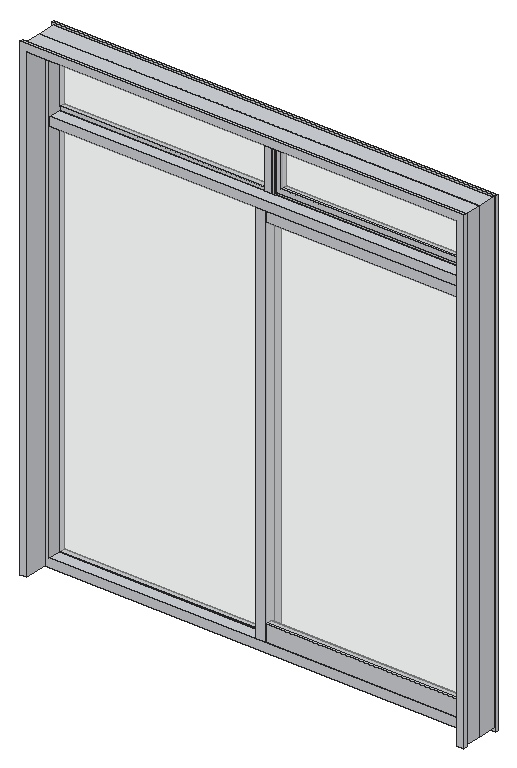
Revit family "APL Residential Thermal Heart Sliding Door SF with Overlight", category Doors, host Wall, Revit 2017 (continued)
Definition of nested family "APL Residential Thermal Heart Sliding Door SF with Overlight Vertical Section"
  Definition of nested family "Two Panel Overlight"
    Definition of nested family "65440_Closer"
      Lines and regions (mm)
        model lines, in view "Ref. Level"
          curve 474: arc (113, -22.75, 0) -> (113.058, -22.609, 0) -> (113.2, -22.55, 0) r 0.2
          curve 475: arc (113.3, -22.55, 0) -> (113.441, -22.491, 0) -> (113.5, -22.35, 0) r 0.2
          curve 476: arc (113.5, -21.202, 0) -> (113.442, -21.059, 0) -> (113.3, -21, 0) r 0.2
          curve 477: arc (111.702, -21, 0) -> (111.559, -21.058, 0) -> (111.5, -21.2, 0) r 0.2
          curve 478: arc (111.5, -22.05, 0) -> (111, -22.55, 0) -> (110.5, -22.05, 0) r 0.5
          curve 479: arc (110.5, -19.5, 0) -> (110.646, -19.147, 0) -> (111, -19, 0) r 0.5
          curve 480: arc (111.8, -19, 0) -> (112.083, -19.117, 0) -> (112.2, -19.4, 0) r 0.4
          curve 481: arc (111.2, -7.3, 0) -> (111.141, -7.441, 0) -> (111, -7.5, 0) r 0.2
          curve 482: arc (110.1, -7.5, 0) -> (109.746, -7.354, 0) -> (109.6, -7, 0) r 0.5
          curve 483: arc (109.6, -4, 0) -> (110.1, -3.5, 0) -> (110.6, -4, 0) r 0.5
          curve 484: arc (112.996, -5, 0) -> (113.352, -4.855, 0) -> (113.5, -4.5, 0) r 0.5
          curve 485: arc (113.5, -1.006, 0) -> (113.209, -0.295, 0) -> (112.5, 0, 0) r 1
          curve 486: arc (84.083, 0, 0) -> (83.778, 0.199, 0) -> (83.505, -0.043, 0) r 0.3
          curve 487: arc (83.505, -0.043, 0) -> (83.439, -0.181, 0) -> (83.313, -0.268, 0) r 0.3
          curve 488: arc (81.903, -0.782, 0) -> (81.617, -0.738, 0) -> (81.501, -0.474, 0) r 0.3
          curve 489: arc (81.708, 1.892, 0) -> (81.735, 1.992, 0) -> (81.795, 2.078, 0) r 0.3
          curve 490: arc (82.159, 2.441, 0) -> (82.352, 2.493, 0) -> (82.493, 2.352, 0) r 0.2
          curve 491: arc (82.538, 2.185, 0) -> (82.59, 2.095, 0) -> (82.679, 2.043, 0) r 0.2
          curve 492: arc (84.9, 1.5, 0) -> (85.18, 1.693, 0) -> (85.1, 2.024, 0) r 0.3
          curve 493: arc (85.1, 2.024, 0) -> (85.026, 2.125, 0) -> (85, 2.247, 0) r 0.3
          curve 494: arc (85.194, 6.25, 0) -> (85.158, 6.423, 0) -> (85, 6.5, 0) r 0.2
          curve 495: arc (84.479, 6.5, 0) -> (84.398, 6.489, 0) -> (84.322, 6.456, 0) r 0.3
          curve 496: arc (83.069, 5.691, 0) -> (83.072, 5.521, 0) -> (82.966, 5.389, 0) r 0.25
          curve 497: arc (82.88, 5.337, 0) -> (82.628, 5.332, 0) -> (82.5, 5.55, 0) r 0.25
          curve 498: arc (82.5, 7.123, 0) -> (82.582, 7.522, 0) -> (82.815, 7.854, 0) r 1
          curve 499: arc (82.815, 7.854, 0) -> (82.878, 8, 0) -> (82.815, 8.146, 0) r 0.2
          curve 500: arc (82.815, 8.146, 0) -> (82.582, 8.478, 0) -> (82.5, 8.874, 0) r 1
          curve 501: arc (82.5, 10.449, 0) -> (82.627, 10.668, 0) -> (82.88, 10.663, 0) r 0.25
          curve 502: arc (82.966, 10.611, 0) -> (83.072, 10.479, 0) -> (83.069, 10.309, 0) r 0.25
          curve 503: arc (84.322, 9.544, 0) -> (84.398, 9.511, 0) -> (84.479, 9.5, 0) r 0.3
          curve 504: arc (85, 9.5, 0) -> (85.158, 9.578, 0) -> (85.194, 9.75, 0) r 0.2
          curve 505: line (99.583, 1.8, 0) -> (112.5, 1.8, 0)
          curve 506: line (113.5, 2.8, 0) -> (113.5, 9, 0)
          curve 507: line (113, 9.5, 0) -> (111.5, 9.5, 0)
          curve 508: line (109.5, 11.5, 0) -> (109.5, 13.6, 0)
          curve 509: line (109, 14.1, 0) -> (87.4, 14.1, 0)
          curve 510: line (86.9, 13.6, 0) -> (86.9, 2.3, 0)
          curve 511: line (87.4, 1.8, 0) -> (92.021, 1.8, 0)
          curve 512: line (84.746, 14.5, 0) -> (82.679, 13.957, 0)
          curve 513: line (82.679, 13.957, 0) -> (82.493, 13.648, 0)
          curve 514: line (82.159, 13.559, 0) -> (81.795, 13.922, 0)
          curve 515: line (81.708, 14.108, 0) -> (81.501, 16.474, 0)
          curve 516: line (81.903, 16.782, 0) -> (83.313, 16.268, 0)
          curve 517: line (84.083, 16, 0) -> (86.4, 16, 0)
          curve 518: line (86.89, 15.6, 0) -> (110.8, 15.6, 0)
          curve 519: line (111, 15.4, 0) -> (111, 11.5, 0)
          curve 520: line (111.5, 11, 0) -> (112.997, 11, 0)
          curve 521: line (113.5, 11.5, 0) -> (113.5, 17.8, 0)
          curve 522: line (113.7, 18, 0) -> (114.5, 18, 0)
          curve 523: line (115, 17.5, 0) -> (115, -29.493, 0)
          curve 524: line (114.5, -30, 0) -> (111, -30, 0)
          curve 525: line (110.5, -29.5, 0) -> (110.5, -27.65, 0)
          curve 526: line (111.5, -27.65, 0) -> (111.5, -28.499, 0)
          curve 527: line (111.7, -28.7, 0) -> (113.298, -28.7, 0)
          curve 528: line (113.5, -28.5, 0) -> (113.5, -27.352, 0)
          curve 529: line (113, -26.95, 0) -> (113, -22.75, 0)
          curve 530: line (113.5, -22.35, 0) -> (113.5, -21.202, 0)
          curve 531: line (113.3, -21, 0) -> (111.702, -21, 0)
          curve 532: line (111.5, -21.2, 0) -> (111.5, -22.05, 0)
          curve 533: line (110.5, -22.05, 0) -> (110.5, -19.5, 0)
          curve 534: line (111, -19, 0) -> (111.8, -19, 0)
          curve 535: line (112.2, -19.4, 0) -> (112.2, -20, 0)
          curve 536: line (112.2, -20, 0) -> (113.5, -20, 0)
          curve 537: line (113.5, -20, 0) -> (113.5, -6.5, 0)
          curve 538: line (113.5, -6.5, 0) -> (111.2, -6.5, 0)
          curve 539: line (111.2, -6.5, 0) -> (111.2, -7.3, 0)
          curve 540: line (111, -7.5, 0) -> (110.1, -7.5, 0)
          curve 541: line (109.6, -7, 0) -> (109.6, -4, 0)
          curve 542: line (110.6, -4, 0) -> (110.6, -5, 0)
          curve 543: line (110.6, -5, 0) -> (112.996, -5, 0)
          curve 544: line (113.5, -4.5, 0) -> (113.5, -1.006, 0)
          curve 545: line (112.5, 0, 0) -> (84.083, 0, 0)
          curve 546: line (83.313, -0.268, 0) -> (81.903, -0.782, 0)
          curve 547: line (81.501, -0.474, 0) -> (81.708, 1.892, 0)
          curve 548: line (81.795, 2.078, 0) -> (82.159, 2.441, 0)
          curve 549: line (82.493, 2.352, 0) -> (82.538, 2.185, 0)
          curve 550: line (82.538, 2.185, 0) -> (84.668, 1.51, 0)
          curve 551: line (84.668, 1.51, 0) -> (84.9, 1.5, 0)
          curve 552: line (85, 2.247, 0) -> (85, 5.475, 0)
          curve 553: line (85, 5.475, 0) -> (85.194, 6.25, 0)
          curve 554: line (85, 6.5, 0) -> (84.479, 6.5, 0)
          curve 555: line (84.479, 6.5, 0) -> (83.069, 5.691, 0)
          curve 556: line (82.5, 5.55, 0) -> (82.5, 7.123, 0)
          curve 557: line (82.5, 8.874, 0) -> (82.5, 10.449, 0)
          curve 558: line (83.069, 10.309, 0) -> (84.322, 9.544, 0)
          curve 559: line (84.322, 9.544, 0) -> (85, 9.5, 0)
          curve 560: line (85.194, 9.75, 0) -> (85.006, 10.475, 0)
          curve 561: line (85.006, 10.475, 0) -> (85, 13.736, 0)
          curve 562: arc (85, 13.753, 0) -> (85.026, 13.875, 0) -> (85.1, 13.976, 0) r 0.3
          curve 563: arc (70.2, 10.4, 0) -> (70.317, 10.117, 0) -> (70.6, 10, 0) r 0.4
          curve 564: arc (70.893, 10, 0) -> (70.996, 10.014, 0) -> (71.093, 10.054, 0) r 0.4
          curve 565: arc (72.621, 10.939, 0) -> (72.911, 11.059, 0) -> (73.222, 11.1, 0) r 1.2
          curve 566: arc (74.145, 11.1, 0) -> (74.718, 11.281, 0) -> (75.084, 11.758, 0) r 1
          curve 567: arc (75.877, 13.937, 0) -> (76.024, 14.128, 0) -> (76.253, 14.2, 0) r 0.4
          curve 568: arc (78.947, 14.2, 0) -> (79.176, 14.128, 0) -> (79.323, 13.937, 0) r 0.4
          curve 569: arc (80.116, 11.758, 0) -> (80.482, 11.281, 0) -> (81.055, 11.1, 0) r 1
          curve 570: arc (81.978, 11.1, 0) -> (82.289, 11.059, 0) -> (82.579, 10.939, 0) r 1.2
          curve 571: arc (84.107, 10.054, 0) -> (84.204, 10.014, 0) -> (84.307, 10, 0) r 0.4
          curve 572: arc (84.6, 10, 0) -> (84.883, 10.117, 0) -> (85, 10.4, 0) r 0.4
          curve 573: arc (85, 13.8, 0) -> (84.883, 14.083, 0) -> (84.6, 14.2, 0) r 0.4
          curve 574: arc (84.307, 14.2, 0) -> (84.204, 14.186, 0) -> (84.107, 14.146, 0) r 0.4
          curve 575: arc (82.579, 13.262, 0) -> (82.285, 13.14, 0) -> (81.97, 13.1, 0) r 1.2
          curve 576: arc (81.97, 13.1, 0) -> (81.795, 13.153, 0) -> (81.684, 13.298, 0) r 0.3
          curve 577: arc (80.796, 15.737, 0) -> (80.649, 15.928, 0) -> (80.42, 16, 0) r 0.4
          curve 578: arc (74.78, 16, 0) -> (74.551, 15.928, 0) -> (74.404, 15.737, 0) r 0.4
          curve 579: arc (73.516, 13.298, 0) -> (73.405, 13.153, 0) -> (73.23, 13.1, 0) r 0.3
          curve 580: arc (73.23, 13.1, 0) -> (72.915, 13.14, 0) -> (72.621, 13.262, 0) r 1.2
          curve 581: arc (71.093, 14.146, 0) -> (70.996, 14.186, 0) -> (70.893, 14.2, 0) r 0.4
          curve 582: arc (70.6, 14.2, 0) -> (70.317, 14.083, 0) -> (70.2, 13.8, 0) r 0.4
          curve 583: line (70.6, 10, 0) -> (70.893, 10, 0)
          curve 584: line (71.093, 10.054, 0) -> (72.621, 10.939, 0)
          curve 585: line (73.222, 11.1, 0) -> (74.145, 11.1, 0)
          curve 586: line (75.084, 11.758, 0) -> (75.877, 13.937, 0)
          curve 587: line (76.253, 14.2, 0) -> (78.947, 14.2, 0)
          curve 588: line (79.323, 13.937, 0) -> (80.116, 11.758, 0)
          curve 589: line (81.055, 11.1, 0) -> (81.978, 11.1, 0)
          curve 590: line (82.579, 10.939, 0) -> (84.107, 10.054, 0)
          curve 591: line (84.307, 10, 0) -> (84.6, 10, 0)
          curve 592: line (85, 10.4, 0) -> (85, 13.8, 0)
          curve 593: line (84.6, 14.2, 0) -> (84.307, 14.2, 0)
          curve 594: line (84.107, 14.146, 0) -> (82.579, 13.262, 0)
          curve 595: line (81.684, 13.298, 0) -> (80.796, 15.737, 0)
          curve 596: line (80.42, 16, 0) -> (74.78, 16, 0)
          curve 597: line (74.404, 15.737, 0) -> (73.516, 13.298, 0)
          curve 598: line (72.621, 13.262, 0) -> (71.093, 14.146, 0)
          curve 599: line (70.893, 14.2, 0) -> (70.6, 14.2, 0)
          curve 600: line (70.2, 13.8, 0) -> (70.2, 10.4, 0)
      Text (mm)
        text "65440" at (74.78, 42.459, 0), in view "Ref. Level"
    Definition of nested family "65575_Threshold"
      Reference planes
        plane 1 "Center (Front/Back)": y = 0
        plane 2: z = 0
        plane 3 "Center (Left/Right)": x = 0
      Lines and regions (mm)
        detail lines, in view "Ref. Level"
          curve 1: arc (0.123, 1.385, 0) -> (0.034, 1.312, 0) -> (0, 1.2, 0) r 0.2
          curve 2: arc (0, 0.2, 0) -> (0.059, 0.059, 0) -> (0.2, 0, 0) r 0.2
          curve 3: arc (1.987, -0.473, 0) -> (2.044, -0.588, 0) -> (2.019, -0.715, 0) r 0.2
          curve 4: arc (1.788, -1.112, 0) -> (1.916, -1.591, 0) -> (2.394, -1.463, 0) r 0.35
          curve 5: arc (2.779, -0.797, 0) -> (2.842, -0.484, 0) -> (2.701, -0.197, 0) r 0.497
          curve 6: arc (2.033, 0.47, 0) -> (1.979, 0.65, 0) -> (2.098, 0.796, 0) r 0.2
          curve 7: arc (41.094, 16.949, 0) -> (41.282, 16.93, 0) -> (41.37, 16.764, 0) r 0.2
          curve 8: arc (41.37, 12.481, 0) -> (41.586, 11.578, 0) -> (42.188, 10.869, 0) r 2
          curve 9: arc (42.188, 10.869, 0) -> (43.515, 8.691, 0) -> (42.924, 6.21, 0) r 3.35
          curve 10: arc (42.924, 6.21, 0) -> (43.038, 5.512, 0) -> (43.736, 5.625, 0) r 0.5
          curve 11: arc (43.736, 5.625, 0) -> (44.503, 8.847, 0) -> (42.779, 11.675, 0) r 4.35
          curve 12: arc (42.779, 11.675, 0) -> (42.478, 12.03, 0) -> (42.37, 12.481, 0) r 1
          curve 13: arc (42.37, 18.585, 0) -> (42.282, 18.751, 0) -> (42.094, 18.77, 0) r 0.2
          curve 14: line (0, 1.2, 0) -> (0, 0.2, 0)
          curve 15: line (0.2, 0, 0) -> (1.431, 0, 0)
          curve 16: line (1.573, -0.059, 0) -> (1.987, -0.473, 0)
          curve 17: line (2.019, -0.715, 0) -> (1.788, -1.112, 0)
          curve 18: line (2.394, -1.463, 0) -> (2.779, -0.797, 0)
          curve 19: line (2.701, -0.197, 0) -> (2.033, 0.47, 0)
          curve 20: line (2.098, 0.796, 0) -> (41.094, 16.949, 0)
          curve 21: line (41.37, 16.764, 0) -> (41.37, 12.481, 0)
          curve 22: line (42.37, 12.481, 0) -> (42.37, 18.585, 0)
          curve 23: line (42.094, 18.77, 0) -> (0.123, 1.385, 0)
      Text (mm)
        text "65575" at (6.848, 22.344, 0), in view "Ref. Level"
    Definition of nested family "65656_Infill"
      Reference planes
        plane 1 "Center (Front/Back)": y = 0
        plane 2: z = 0
        plane 3 "Center (Left/Right)": x = 0
      Lines and regions (mm)
        model lines, in view "Ref. Level"
          curve 1: arc (33.343, 0, 0) -> (33.487, -0.061, 0) -> (33.543, -0.207, 0) r 0.2
          curve 2: arc (33.336, -6.121, 0) -> (32.512, -6.899, 0) -> (31.737, -6.072, 0) r 0.8
          curve 3: arc (31.875, -2.117, 0) -> (31.735, -1.753, 0) -> (31.375, -1.6, 0) r 0.5
          curve 4: arc (-31.375, -1.6, 0) -> (-31.735, -1.753, 0) -> (-31.875, -2.117, 0) r 0.5
          curve 5: arc (-31.737, -6.072, 0) -> (-32.509, -6.899, 0) -> (-33.336, -6.128, 0) r 0.8
          curve 6: arc (-33.543, -0.207, 0) -> (-33.487, -0.061, 0) -> (-33.343, 0, 0) r 0.2
          curve 7: line (33.543, -0.207, 0) -> (33.336, -6.121, 0)
          curve 8: line (31.737, -6.072, 0) -> (31.875, -2.117, 0)
          curve 9: line (31.375, -1.6, 0) -> (-31.375, -1.6, 0)
          curve 10: line (-31.875, -2.117, 0) -> (-31.737, -6.072, 0)
          curve 11: line (-33.336, -6.128, 0) -> (-33.543, -0.207, 0)
          curve 12: line (-33.343, 0, 0) -> (33.343, 0, 0)
      Text (mm)
        text "65656" at (7.421, 15.177, 0), in view "Ref. Level"
    Definition of nested family "65460_Door Top And Window Rail"
      Reference planes
        plane 1 "Center (Front/Back)": y = 0
        plane 2: z = 0
        plane 3 "Center (Left/Right)": x = 0
      Lines and regions (mm)
        detail lines, in view "Ref. Level"
          curve 1: arc (20.155, 25.72, 0) -> (19.65, 25.078, 0) -> (19.29, 24.346, 0) r 3.9
          curve 2: arc (19.29, 24.346, 0) -> (19.067, 24.218, 0) -> (18.902, 24.415, 0) r 0.2
          curve 3: arc (18.902, 31.835, 0) -> (19.067, 32.032, 0) -> (19.29, 31.904, 0) r 0.2
          curve 4: arc (19.29, 31.904, 0) -> (19.65, 31.172, 0) -> (20.155, 30.53, 0) r 3.9
          curve 5: arc (20.155, 30.53, 0) -> (21.428, 30.513, 0) -> (21.445, 31.786, 0) r 0.9
          curve 6: arc (21.445, 31.786, 0) -> (20.85, 33.25, 0) -> (21.445, 34.715, 0) r 2.1
          curve 7: arc (21.445, 34.715, 0) -> (21.57, 34.877, 0) -> (21.656, 35.064, 0) r 0.9
          curve 8: arc (21.656, 35.064, 0) -> (21.753, 35.236, 0) -> (21.91, 35.358, 0) r 0.5
          curve 9: arc (21.91, 35.358, 0) -> (22.95, 35.6, 0) -> (23.99, 35.358, 0) r 2.35
          curve 10: arc (23.99, 35.358, 0) -> (24.147, 35.236, 0) -> (24.244, 35.064, 0) r 0.5
          curve 11: arc (24.244, 35.064, 0) -> (24.33, 34.877, 0) -> (24.455, 34.715, 0) r 0.9
          curve 12: arc (24.455, 34.715, 0) -> (25.05, 33.25, 0) -> (24.455, 31.786, 0) r 2.1
          curve 13: arc (24.455, 31.786, 0) -> (24.472, 30.513, 0) -> (25.745, 30.53, 0) r 0.9
          curve 14: arc (25.745, 30.53, 0) -> (26.799, 32.619, 0) -> (26.468, 34.934, 0) r 3.9
          curve 15: arc (26.468, 34.934, 0) -> (26.496, 35.417, 0) -> (26.919, 35.65, 0) r 0.5
          curve 16: arc (31.08, 35.65, 0) -> (31.402, 35.533, 0) -> (31.572, 35.236, 0) r 0.5
          curve 17: arc (31.572, 21.014, 0) -> (31.402, 20.717, 0) -> (31.08, 20.6, 0) r 0.5
          curve 18: arc (26.919, 20.6, 0) -> (26.496, 20.834, 0) -> (26.468, 21.316, 0) r 0.5
          curve 19: arc (26.468, 21.316, 0) -> (26.799, 23.631, 0) -> (25.745, 25.72, 0) r 3.9
          curve 20: arc (25.745, 25.72, 0) -> (24.472, 25.737, 0) -> (24.455, 24.464, 0) r 0.9
          curve 21: arc (24.455, 24.464, 0) -> (25.05, 23, 0) -> (24.455, 21.535, 0) r 2.1
          curve 22: arc (24.455, 21.535, 0) -> (24.33, 21.373, 0) -> (24.244, 21.186, 0) r 0.9
          curve 23: arc (24.244, 21.186, 0) -> (24.147, 21.014, 0) -> (23.99, 20.892, 0) r 0.5
          curve 24: arc (23.99, 20.892, 0) -> (22.95, 20.65, 0) -> (21.91, 20.892, 0) r 2.35
          curve 25: arc (21.91, 20.892, 0) -> (21.753, 21.014, 0) -> (21.656, 21.186, 0) r 0.5
          curve 26: arc (21.656, 21.186, 0) -> (21.57, 21.373, 0) -> (21.445, 21.535, 0) r 0.9
          curve 27: arc (21.445, 21.535, 0) -> (20.85, 23, 0) -> (21.445, 24.464, 0) r 2.1
          curve 28: arc (21.445, 24.464, 0) -> (21.428, 25.737, 0) -> (20.155, 25.72, 0) r 0.9
          curve 29: arc (17.002, 21.247, 0) -> (17.028, 21.125, 0) -> (17.102, 21.023, 0) r 0.3
          curve 30: arc (17.102, 21.023, 0) -> (17.182, 20.693, 0) -> (16.902, 20.5, 0) r 0.3
          curve 31: arc (14.681, 21.043, 0) -> (14.592, 21.095, 0) -> (14.54, 21.184, 0) r 0.2
          curve 32: arc (14.495, 21.352, 0) -> (14.354, 21.493, 0) -> (14.161, 21.441, 0) r 0.2
          curve 33: arc (13.797, 21.077, 0) -> (13.737, 20.992, 0) -> (13.71, 20.891, 0) r 0.3
          curve 34: arc (13.503, 18.526, 0) -> (13.619, 18.262, 0) -> (13.905, 18.218, 0) r 0.3
          curve 35: arc (15.315, 18.731, 0) -> (15.441, 18.819, 0) -> (15.507, 18.957, 0) r 0.3
          curve 36: arc (15.507, 18.957, 0) -> (15.78, 19.199, 0) -> (16.085, 19, 0) r 0.3
          curve 37: arc (31.1, 19, 0) -> (31.414, 18.904, 0) -> (31.601, 18.633, 0) r 0.5
          curve 38: arc (32.601, 3.535, 0) -> (32.523, 3.377, 0) -> (32.349, 3.342, 0) r 0.2
          curve 39: arc (31.453, 3.583, 0) -> (31.279, 3.548, 0) -> (31.201, 3.389, 0) r 0.2
          curve 40: arc (31.439, 1.205, 0) -> (31.508, 1.087, 0) -> (31.636, 1.04, 0) r 0.2
          curve 41: arc (32.901, 0.203, 0) -> (32.959, 0.06, 0) -> (33.101, 0, 0) r 0.2
          curve 42: arc (33.8, 0, 0) -> (33.941, 0.059, 0) -> (34, 0.2, 0) r 0.2
          curve 43: arc (34, 71.5, 0) -> (33.854, 71.854, 0) -> (33.5, 72, 0) r 0.5
          curve 44: arc (32.4, 72, 0) -> (32.259, 71.942, 0) -> (32.2, 71.8, 0) r 0.2
          curve 45: arc (32.2, 57.95, 0) -> (32.141, 57.809, 0) -> (32, 57.75, 0) r 0.2
          curve 46: arc (29.4, 57.75, 0) -> (29.259, 57.692, 0) -> (29.2, 57.55, 0) r 0.2
          curve 47: arc (29.2, 56.45, 0) -> (29.259, 56.309, 0) -> (29.4, 56.25, 0) r 0.2
          curve 48: arc (32, 56.25, 0) -> (32.141, 56.192, 0) -> (32.2, 56.05, 0) r 0.2
          curve 49: arc (32.2, 42.95, 0) -> (32.141, 42.809, 0) -> (32, 42.75, 0) r 0.2
          curve 50: arc (29.4, 42.75, 0) -> (29.259, 42.692, 0) -> (29.2, 42.55, 0) r 0.2
          curve 51: arc (29.2, 41.45, 0) -> (29.259, 41.309, 0) -> (29.4, 41.25, 0) r 0.2
          curve 52: arc (32, 41.25, 0) -> (32.141, 41.192, 0) -> (32.2, 41.05, 0) r 0.2
          curve 53: arc (31.601, 37.618, 0) -> (31.422, 37.352, 0) -> (31.119, 37.25, 0) r 0.5
          curve 54: arc (16.085, 37.25, 0) -> (15.78, 37.051, 0) -> (15.507, 37.293, 0) r 0.3
          curve 55: arc (15.507, 37.293, 0) -> (15.441, 37.431, 0) -> (15.315, 37.519, 0) r 0.3
          curve 56: arc (13.905, 38.032, 0) -> (13.619, 37.988, 0) -> (13.503, 37.724, 0) r 0.3
          curve 57: arc (13.71, 35.359, 0) -> (13.737, 35.258, 0) -> (13.797, 35.173, 0) r 0.3
          curve 58: arc (14.161, 34.809, 0) -> (14.354, 34.757, 0) -> (14.495, 34.898, 0) r 0.2
          curve 59: arc (14.54, 35.066, 0) -> (14.592, 35.155, 0) -> (14.681, 35.207, 0) r 0.2
          curve 60: arc (16.902, 35.75, 0) -> (17.182, 35.557, 0) -> (17.102, 35.227, 0) r 0.3
          curve 61: arc (17.102, 35.227, 0) -> (17.028, 35.125, 0) -> (17.002, 35.003, 0) r 0.3
          curve 62: arc (17.196, 31, 0) -> (17.16, 30.828, 0) -> (17.002, 30.75, 0) r 0.2
          curve 63: arc (16.482, 30.75, 0) -> (16.4, 30.761, 0) -> (16.325, 30.794, 0) r 0.3
          curve 64: arc (15.071, 31.559, 0) -> (15.074, 31.729, 0) -> (14.968, 31.861, 0) r 0.25
          curve 65: arc (14.882, 31.914, 0) -> (14.63, 31.918, 0) -> (14.502, 31.7, 0) r 0.25
          curve 66: arc (14.502, 29.554, 0) -> (14.528, 29.456, 0) -> (14.598, 29.383, 0) r 0.2
          curve 67: arc (16.379, 28.296, 0) -> (16.475, 28.125, 0) -> (16.379, 27.954, 0) r 0.2
          curve 68: arc (14.598, 26.867, 0) -> (14.528, 26.794, 0) -> (14.502, 26.696, 0) r 0.2
          curve 69: arc (14.502, 24.55, 0) -> (14.629, 24.332, 0) -> (14.882, 24.336, 0) r 0.25
          curve 70: arc (14.968, 24.388, 0) -> (15.074, 24.521, 0) -> (15.071, 24.691, 0) r 0.25
          curve 71: arc (16.325, 25.456, 0) -> (16.4, 25.489, 0) -> (16.481, 25.5, 0) r 0.3
          curve 72: line (18.902, 24.415, 0) -> (18.902, 31.835, 0)
          curve 73: line (26.919, 35.65, 0) -> (31.08, 35.65, 0)
          curve 74: line (31.572, 35.236, 0) -> (32.193, 31.693, 0)
          curve 75: line (32.2, 31.607, 0) -> (32.2, 24.643, 0)
          curve 76: line (32.193, 24.557, 0) -> (31.572, 21.014, 0)
          curve 77: line (31.08, 20.6, 0) -> (26.919, 20.6, 0)
          curve 78: line (17.196, 25.25, 0) -> (17.002, 24.5, 0)
          curve 79: line (17.002, 24.474, 0) -> (17.002, 21.247, 0)
          curve 80: line (16.67, 20.51, 0) -> (14.681, 21.043, 0)
          curve 81: line (14.54, 21.184, 0) -> (14.495, 21.352, 0)
          curve 82: line (14.161, 21.441, 0) -> (13.797, 21.077, 0)
          curve 83: line (13.71, 20.891, 0) -> (13.503, 18.526, 0)
          curve 84: line (13.905, 18.218, 0) -> (15.315, 18.731, 0)
          curve 85: line (16.085, 19, 0) -> (31.1, 19, 0)
          curve 86: line (31.601, 18.633, 0) -> (32.583, 15.065, 0)
          curve 87: line (32.601, 14.933, 0) -> (32.601, 3.535, 0)
          curve 88: line (32.349, 3.342, 0) -> (31.453, 3.583, 0)
          curve 89: line (31.201, 3.389, 0) -> (31.201, 2.558, 0)
          curve 90: line (31.201, 2.558, 0) -> (31.439, 1.205, 0)
          curve 91: line (31.636, 1.04, 0) -> (32.901, 1.04, 0)
          curve 92: line (32.901, 1.04, 0) -> (32.901, 0.203, 0)
          curve 93: line (33.101, 0, 0) -> (33.8, 0, 0)
          curve 94: line (34, 0.2, 0) -> (34, 71.5, 0)
          curve 95: line (33.5, 72, 0) -> (32.4, 72, 0)
          curve 96: line (32.2, 71.8, 0) -> (32.2, 57.95, 0)
          curve 97: line (32, 57.75, 0) -> (29.4, 57.75, 0)
          curve 98: line (29.2, 57.55, 0) -> (29.2, 56.45, 0)
          curve 99: line (29.4, 56.25, 0) -> (32, 56.25, 0)
          curve 100: line (32.2, 56.05, 0) -> (32.2, 42.95, 0)
          curve 101: line (32, 42.75, 0) -> (29.4, 42.75, 0)
          curve 102: line (29.2, 42.55, 0) -> (29.2, 41.45, 0)
          curve 103: line (29.4, 41.25, 0) -> (32, 41.25, 0)
          curve 104: line (32.2, 41.05, 0) -> (32.2, 39.861, 0)
          curve 105: line (32.182, 39.728, 0) -> (31.601, 37.618, 0)
          curve 106: line (31.119, 37.25, 0) -> (23.35, 37.25, 0)
          curve 107: line (23.35, 37.25, 0) -> (22.95, 36.85, 0)
          curve 108: line (22.95, 36.85, 0) -> (22.55, 37.25, 0)
          curve 109: line (22.55, 37.25, 0) -> (16.085, 37.25, 0)
          curve 110: line (15.315, 37.519, 0) -> (13.905, 38.032, 0)
          curve 111: line (13.503, 37.724, 0) -> (13.71, 35.359, 0)
          curve 112: line (13.797, 35.173, 0) -> (14.161, 34.809, 0)
          curve 113: line (14.495, 34.898, 0) -> (14.54, 35.066, 0)
          curve 114: line (14.681, 35.207, 0) -> (16.67, 35.74, 0)
          curve 115: line (17.002, 35.003, 0) -> (17.002, 31.776, 0)
          curve 116: line (17.002, 31.75, 0) -> (17.196, 31, 0)
          curve 117: line (17.002, 30.75, 0) -> (16.482, 30.75, 0)
          curve 118: line (16.325, 30.794, 0) -> (15.071, 31.559, 0)
          curve 119: line (14.502, 31.7, 0) -> (14.502, 29.554, 0)
          curve 120: line (14.598, 29.383, 0) -> (16.379, 28.296, 0)
          curve 121: line (16.379, 27.954, 0) -> (14.598, 26.867, 0)
          curve 122: line (14.502, 26.696, 0) -> (14.502, 24.55, 0)
          curve 123: line (15.071, 24.691, 0) -> (16.325, 25.456, 0)
          curve 124: line (16.481, 25.5, 0) -> (17.002, 25.5, 0)
          curve 125: arc (17.002, 25.5, 0) -> (17.16, 25.422, 0) -> (17.196, 25.25, 0) r 0.2
          curve 126: arc (2.202, 31.65, 0) -> (2.319, 31.367, 0) -> (2.602, 31.25, 0) r 0.4
          curve 127: arc (2.895, 31.25, 0) -> (2.998, 31.264, 0) -> (3.095, 31.304, 0) r 0.4
          curve 128: arc (4.623, 32.189, 0) -> (4.913, 32.309, 0) -> (5.224, 32.35, 0) r 1.2
          curve 129: arc (6.147, 32.35, 0) -> (6.72, 32.531, 0) -> (7.086, 33.008, 0) r 1
          curve 130: arc (7.879, 35.187, 0) -> (8.026, 35.378, 0) -> (8.255, 35.45, 0) r 0.4
          curve 131: arc (10.949, 35.45, 0) -> (11.178, 35.378, 0) -> (11.325, 35.187, 0) r 0.4
          curve 132: arc (12.118, 33.008, 0) -> (12.484, 32.531, 0) -> (13.057, 32.35, 0) r 1
          curve 133: arc (13.98, 32.35, 0) -> (14.291, 32.309, 0) -> (14.581, 32.189, 0) r 1.2
          curve 134: arc (16.109, 31.304, 0) -> (16.206, 31.264, 0) -> (16.309, 31.25, 0) r 0.4
          curve 135: arc (16.602, 31.25, 0) -> (16.885, 31.367, 0) -> (17.002, 31.65, 0) r 0.4
          curve 136: arc (17.002, 35.05, 0) -> (16.885, 35.333, 0) -> (16.602, 35.45, 0) r 0.4
          curve 137: arc (16.309, 35.45, 0) -> (16.206, 35.437, 0) -> (16.109, 35.396, 0) r 0.4
          curve 138: arc (14.581, 34.512, 0) -> (14.287, 34.39, 0) -> (13.972, 34.35, 0) r 1.2
          curve 139: arc (13.972, 34.35, 0) -> (13.797, 34.403, 0) -> (13.686, 34.548, 0) r 0.3
          curve 140: arc (12.798, 36.987, 0) -> (12.651, 37.178, 0) -> (12.422, 37.25, 0) r 0.4
          curve 141: arc (6.782, 37.25, 0) -> (6.553, 37.178, 0) -> (6.406, 36.987, 0) r 0.4
          curve 142: arc (5.518, 34.548, 0) -> (5.407, 34.403, 0) -> (5.232, 34.35, 0) r 0.3
          curve 143: arc (5.232, 34.35, 0) -> (4.917, 34.39, 0) -> (4.623, 34.512, 0) r 1.2
          curve 144: arc (3.095, 35.396, 0) -> (2.998, 35.437, 0) -> (2.895, 35.45, 0) r 0.4
          curve 145: arc (2.602, 35.45, 0) -> (2.319, 35.333, 0) -> (2.202, 35.05, 0) r 0.4
          curve 146: line (2.602, 31.25, 0) -> (2.895, 31.25, 0)
          curve 147: line (3.095, 31.304, 0) -> (4.623, 32.189, 0)
          curve 148: line (5.224, 32.35, 0) -> (6.147, 32.35, 0)
          curve 149: line (7.086, 33.008, 0) -> (7.879, 35.187, 0)
          curve 150: line (8.255, 35.45, 0) -> (10.949, 35.45, 0)
          curve 151: line (11.325, 35.187, 0) -> (12.118, 33.008, 0)
          curve 152: line (13.057, 32.35, 0) -> (13.98, 32.35, 0)
          curve 153: line (14.581, 32.189, 0) -> (16.109, 31.304, 0)
          curve 154: line (16.309, 31.25, 0) -> (16.602, 31.25, 0)
          curve 155: line (17.002, 31.65, 0) -> (17.002, 35.05, 0)
          curve 156: line (16.602, 35.45, 0) -> (16.309, 35.45, 0)
          curve 157: line (16.109, 35.396, 0) -> (14.581, 34.512, 0)
          curve 158: line (13.686, 34.548, 0) -> (12.798, 36.987, 0)
          curve 159: line (12.422, 37.25, 0) -> (6.782, 37.25, 0)
          curve 160: line (6.406, 36.987, 0) -> (5.518, 34.548, 0)
          curve 161: line (4.623, 34.512, 0) -> (3.095, 35.396, 0)
          curve 162: line (2.895, 35.45, 0) -> (2.602, 35.45, 0)
          curve 163: line (2.202, 35.05, 0) -> (2.202, 31.65, 0)
          curve 164: arc (2.202, 24.6, 0) -> (2.319, 24.883, 0) -> (2.602, 25, 0) r 0.4
          curve 165: arc (2.895, 25, 0) -> (2.998, 24.986, 0) -> (3.095, 24.946, 0) r 0.4
          curve 166: arc (4.623, 24.061, 0) -> (4.913, 23.941, 0) -> (5.224, 23.9, 0) r 1.2
          curve 167: arc (6.147, 23.9, 0) -> (6.72, 23.719, 0) -> (7.086, 23.242, 0) r 1
          curve 168: arc (7.879, 21.063, 0) -> (8.026, 20.872, 0) -> (8.255, 20.8, 0) r 0.4
          curve 169: arc (10.949, 20.8, 0) -> (11.178, 20.872, 0) -> (11.325, 21.063, 0) r 0.4
          curve 170: arc (12.118, 23.242, 0) -> (12.484, 23.719, 0) -> (13.057, 23.9, 0) r 1
          curve 171: arc (13.98, 23.9, 0) -> (14.291, 23.941, 0) -> (14.581, 24.061, 0) r 1.2
          curve 172: arc (16.109, 24.946, 0) -> (16.206, 24.986, 0) -> (16.309, 25, 0) r 0.4
          curve 173: arc (16.602, 25, 0) -> (16.885, 24.883, 0) -> (17.002, 24.6, 0) r 0.4
          curve 174: arc (17.002, 21.2, 0) -> (16.885, 20.917, 0) -> (16.602, 20.8, 0) r 0.4
          curve 175: arc (16.309, 20.8, 0) -> (16.206, 20.813, 0) -> (16.109, 20.854, 0) r 0.4
          curve 176: arc (14.581, 21.738, 0) -> (14.287, 21.86, 0) -> (13.972, 21.9, 0) r 1.2
          curve 177: arc (13.972, 21.9, 0) -> (13.797, 21.847, 0) -> (13.686, 21.702, 0) r 0.3
          curve 178: arc (12.798, 19.263, 0) -> (12.651, 19.072, 0) -> (12.422, 19, 0) r 0.4
          curve 179: arc (6.782, 19, 0) -> (6.553, 19.072, 0) -> (6.406, 19.263, 0) r 0.4
          curve 180: arc (5.518, 21.702, 0) -> (5.407, 21.847, 0) -> (5.232, 21.9, 0) r 0.3
          curve 181: arc (5.232, 21.9, 0) -> (4.917, 21.86, 0) -> (4.623, 21.738, 0) r 1.2
          curve 182: arc (3.095, 20.854, 0) -> (2.998, 20.813, 0) -> (2.895, 20.8, 0) r 0.4
          curve 183: arc (2.602, 20.8, 0) -> (2.319, 20.917, 0) -> (2.202, 21.2, 0) r 0.4
          curve 184: line (2.602, 25, 0) -> (2.895, 25, 0)
          curve 185: line (3.095, 24.946, 0) -> (4.623, 24.061, 0)
          curve 186: line (5.224, 23.9, 0) -> (6.147, 23.9, 0)
          curve 187: line (7.086, 23.242, 0) -> (7.879, 21.063, 0)
          curve 188: line (8.255, 20.8, 0) -> (10.949, 20.8, 0)
          curve 189: line (11.325, 21.063, 0) -> (12.118, 23.242, 0)
          curve 190: line (13.057, 23.9, 0) -> (13.98, 23.9, 0)
          curve 191: line (14.581, 24.061, 0) -> (16.109, 24.946, 0)
          curve 192: line (16.309, 25, 0) -> (16.602, 25, 0)
          curve 193: line (17.002, 24.6, 0) -> (17.002, 21.2, 0)
          curve 194: line (16.602, 20.8, 0) -> (16.309, 20.8, 0)
          curve 195: line (16.109, 20.854, 0) -> (14.581, 21.738, 0)
          curve 196: line (13.686, 21.702, 0) -> (12.798, 19.263, 0)
          curve 197: line (12.422, 19, 0) -> (6.782, 19, 0)
          curve 198: line (6.406, 19.263, 0) -> (5.518, 21.702, 0)
          curve 199: line (4.623, 21.738, 0) -> (3.095, 20.854, 0)
          curve 200: line (2.895, 20.8, 0) -> (2.602, 20.8, 0)
          curve 201: line (2.202, 21.2, 0) -> (2.202, 24.6, 0)
          curve 202: arc (2.402, 7.33, 0) -> (2.261, 7.271, 0) -> (2.202, 7.13, 0) r 0.2
          curve 203: arc (2.202, 6.53, 0) -> (2.143, 6.388, 0) -> (2.002, 6.33, 0) r 0.2
          curve 204: arc (1.6, 6.33, 0) -> (1.459, 6.388, 0) -> (1.4, 6.53, 0) r 0.2
          curve 205: arc (1.644, 18.06, 0) -> (1.956, 18.728, 0) -> (2.642, 19, 0) r 1
          curve 206: arc (3.119, 19, 0) -> (3.424, 19.199, 0) -> (3.697, 18.957, 0) r 0.3
          curve 207: arc (3.697, 18.957, 0) -> (3.763, 18.819, 0) -> (3.889, 18.731, 0) r 0.3
          curve 208: arc (5.299, 18.218, 0) -> (5.585, 18.262, 0) -> (5.701, 18.526, 0) r 0.3
          curve 209: arc (5.494, 20.891, 0) -> (5.467, 20.992, 0) -> (5.407, 21.077, 0) r 0.3
          curve 210: arc (5.043, 21.441, 0) -> (4.85, 21.493, 0) -> (4.709, 21.352, 0) r 0.2
          curve 211: arc (4.664, 21.184, 0) -> (4.612, 21.095, 0) -> (4.523, 21.043, 0) r 0.2
          curve 212: arc (2.302, 20.5, 0) -> (2.022, 20.693, 0) -> (2.102, 21.023, 0) r 0.3
          curve 213: arc (2.102, 21.023, 0) -> (2.176, 21.125, 0) -> (2.202, 21.247, 0) r 0.3
          curve 214: arc (2.008, 25.25, 0) -> (2.044, 25.422, 0) -> (2.202, 25.5, 0) r 0.2
          curve 215: arc (2.722, 25.5, 0) -> (2.804, 25.489, 0) -> (2.879, 25.456, 0) r 0.3
          curve 216: arc (4.133, 24.691, 0) -> (4.13, 24.521, 0) -> (4.236, 24.388, 0) r 0.25
          curve 217: arc (4.322, 24.336, 0) -> (4.574, 24.332, 0) -> (4.702, 24.55, 0) r 0.25
          curve 218: arc (4.702, 26.696, 0) -> (4.676, 26.794, 0) -> (4.606, 26.867, 0) r 0.2
          curve 219: arc (2.725, 28.015, 0) -> (2.629, 28.186, 0) -> (2.725, 28.357, 0) r 0.2
          curve 220: arc (4.606, 29.505, 0) -> (4.676, 29.578, 0) -> (4.702, 29.676, 0) r 0.2
          curve 221: arc (4.702, 31.7, 0) -> (4.575, 31.918, 0) -> (4.322, 31.914, 0) r 0.25
          curve 222: arc (4.236, 31.861, 0) -> (4.13, 31.729, 0) -> (4.133, 31.559, 0) r 0.25
          curve 223: arc (2.879, 30.794, 0) -> (2.804, 30.761, 0) -> (2.723, 30.75, 0) r 0.3
          curve 224: arc (2.202, 30.75, 0) -> (2.044, 30.828, 0) -> (2.008, 31, 0) r 0.2
          curve 225: arc (2.202, 35.003, 0) -> (2.176, 35.125, 0) -> (2.102, 35.227, 0) r 0.3
          curve 226: arc (2.102, 35.227, 0) -> (2.022, 35.557, 0) -> (2.302, 35.75, 0) r 0.3
          curve 227: arc (4.523, 35.207, 0) -> (4.612, 35.155, 0) -> (4.664, 35.066, 0) r 0.2
          curve 228: arc (4.709, 34.898, 0) -> (4.85, 34.757, 0) -> (5.043, 34.809, 0) r 0.2
          curve 229: arc (5.407, 35.173, 0) -> (5.467, 35.258, 0) -> (5.494, 35.359, 0) r 0.3
          curve 230: arc (5.701, 37.724, 0) -> (5.585, 37.988, 0) -> (5.299, 38.032, 0) r 0.3
          curve 231: arc (3.889, 37.519, 0) -> (3.763, 37.431, 0) -> (3.697, 37.293, 0) r 0.3
          curve 232: arc (3.697, 37.293, 0) -> (3.424, 37.051, 0) -> (3.119, 37.25, 0) r 0.3
          curve 233: arc (2.3, 37.25, 0) -> (1.946, 37.397, 0) -> (1.8, 37.75, 0) r 0.5
          curve 234: arc (1.8, 41.053, 0) -> (1.86, 41.193, 0) -> (2, 41.25, 0) r 0.2
          curve 235: arc (3, 41.25, 0) -> (3.141, 41.309, 0) -> (3.2, 41.45, 0) r 0.2
          curve 236: arc (3.2, 42.55, 0) -> (3.141, 42.692, 0) -> (3, 42.75, 0) r 0.2
          curve 237: arc (2, 42.75, 0) -> (1.86, 42.808, 0) -> (1.8, 42.947, 0) r 0.2
          curve 238: arc (1.8, 56.053, 0) -> (1.86, 56.193, 0) -> (2, 56.25, 0) r 0.2
          curve 239: arc (3, 56.25, 0) -> (3.141, 56.309, 0) -> (3.2, 56.45, 0) r 0.2
          curve 240: arc (3.2, 57.55, 0) -> (3.141, 57.692, 0) -> (3, 57.75, 0) r 0.2
          curve 241: arc (2, 57.75, 0) -> (1.86, 57.808, 0) -> (1.8, 57.947, 0) r 0.2
          curve 242: arc (1.8, 71.8, 0) -> (1.741, 71.942, 0) -> (1.6, 72, 0) r 0.2
          curve 243: arc (0.5, 72, 0) -> (0.146, 71.854, 0) -> (0, 71.5, 0) r 0.5
          curve 244: arc (0, 0.2, 0) -> (0.059, 0.058, 0) -> (0.2, 0, 0) r 0.2
          curve 245: arc (3.002, 0, 0) -> (3.143, 0.058, 0) -> (3.202, 0.2, 0) r 0.2
          curve 246: arc (3.202, 1.63, 0) -> (3.143, 1.771, 0) -> (3.002, 1.83, 0) r 0.2
          curve 247: arc (2.402, 1.83, 0) -> (2.261, 1.771, 0) -> (2.202, 1.63, 0) r 0.2
          curve 248: arc (2.202, 1.28, 0) -> (2.143, 1.138, 0) -> (2.002, 1.08, 0) r 0.2
          curve 249: arc (1.402, 1.08, 0) -> (1.261, 1.138, 0) -> (1.202, 1.28, 0) r 0.2
          curve 250: arc (1.202, 4.38, 0) -> (1.261, 4.521, 0) -> (1.402, 4.58, 0) r 0.2
          curve 251: arc (2.002, 4.58, 0) -> (2.143, 4.521, 0) -> (2.202, 4.38, 0) r 0.2
          curve 252: arc (2.202, 4.03, 0) -> (2.261, 3.888, 0) -> (2.402, 3.83, 0) r 0.2
          curve 253: arc (3.002, 3.83, 0) -> (3.143, 3.888, 0) -> (3.202, 4.03, 0) r 0.2
          curve 254: line (3.002, 7.33, 0) -> (2.402, 7.33, 0)
          curve 255: line (2.202, 7.13, 0) -> (2.202, 6.53, 0)
          curve 256: line (2.002, 6.33, 0) -> (1.6, 6.33, 0)
          curve 257: line (1.4, 6.53, 0) -> (1.4, 14, 0)
          curve 258: line (1.4, 14, 0) -> (1.644, 18.06, 0)
          curve 259: line (2.642, 19, 0) -> (3.119, 19, 0)
          curve 260: line (3.889, 18.731, 0) -> (5.299, 18.218, 0)
          curve 261: line (5.701, 18.526, 0) -> (5.494, 20.891, 0)
          curve 262: line (5.407, 21.077, 0) -> (5.043, 21.441, 0)
          curve 263: line (4.709, 21.352, 0) -> (4.664, 21.184, 0)
          curve 264: line (4.523, 21.043, 0) -> (2.534, 20.51, 0)
          curve 265: line (2.202, 21.247, 0) -> (2.202, 24.474, 0)
          curve 266: line (2.196, 24.524, 0) -> (2.008, 25.25, 0)
          curve 267: line (2.202, 25.5, 0) -> (2.722, 25.5, 0)
          curve 268: line (2.879, 25.456, 0) -> (4.133, 24.691, 0)
          curve 269: line (4.702, 24.55, 0) -> (4.702, 26.696, 0)
          curve 270: line (4.606, 26.867, 0) -> (2.725, 28.015, 0)
          curve 271: line (2.725, 28.357, 0) -> (4.606, 29.505, 0)
          curve 272: line (4.702, 29.676, 0) -> (4.702, 31.7, 0)
          curve 273: line (4.133, 31.559, 0) -> (2.879, 30.794, 0)
          curve 274: line (2.723, 30.75, 0) -> (2.202, 30.75, 0)
          curve 275: line (2.008, 31, 0) -> (2.196, 31.726, 0)
          curve 276: line (2.202, 31.776, 0) -> (2.202, 35.003, 0)
          curve 277: line (2.534, 35.74, 0) -> (4.523, 35.207, 0)
          curve 278: line (4.664, 35.066, 0) -> (4.709, 34.898, 0)
          curve 279: line (5.043, 34.809, 0) -> (5.407, 35.173, 0)
          curve 280: line (5.494, 35.359, 0) -> (5.701, 37.724, 0)
          curve 281: line (5.299, 38.032, 0) -> (3.889, 37.519, 0)
          curve 282: line (3.119, 37.25, 0) -> (2.3, 37.25, 0)
          curve 283: line (1.8, 37.75, 0) -> (1.8, 41.053, 0)
          curve 284: line (2, 41.25, 0) -> (3, 41.25, 0)
          curve 285: line (3.2, 41.45, 0) -> (3.2, 42.55, 0)
          curve 286: line (3, 42.75, 0) -> (2, 42.75, 0)
          curve 287: line (1.8, 42.947, 0) -> (1.8, 56.053, 0)
          curve 288: line (2, 56.25, 0) -> (3, 56.25, 0)
          curve 289: line (3.2, 56.45, 0) -> (3.2, 57.55, 0)
          curve 290: line (3, 57.75, 0) -> (2, 57.75, 0)
          curve 291: line (1.8, 57.947, 0) -> (1.8, 71.8, 0)
          curve 292: line (1.6, 72, 0) -> (0.5, 72, 0)
          curve 293: line (0, 71.5, 0) -> (0, 0.2, 0)
          curve 294: line (0.2, 0, 0) -> (3.002, 0, 0)
          curve 295: line (3.202, 0.2, 0) -> (3.202, 1.63, 0)
          curve 296: line (3.002, 1.83, 0) -> (2.402, 1.83, 0)
          curve 297: line (2.202, 1.63, 0) -> (2.202, 1.28, 0)
          curve 298: line (2.002, 1.08, 0) -> (1.402, 1.08, 0)
          curve 299: line (1.202, 1.28, 0) -> (1.202, 4.38, 0)
          curve 300: line (1.402, 4.58, 0) -> (2.002, 4.58, 0)
          curve 301: line (2.202, 4.38, 0) -> (2.202, 4.03, 0)
          curve 302: line (2.402, 3.83, 0) -> (3.002, 3.83, 0)
          curve 303: line (3.202, 4.03, 0) -> (3.202, 7.13, 0)
          curve 304: arc (3.202, 7.13, 0) -> (3.143, 7.271, 0) -> (3.002, 7.33, 0) r 0.2
      Text (mm)
        text "65460" at (7.711, 85.3, 0), in view "Ref. Level"
  Definition of nested family "Head Sash"
    Reference planes
      plane 1 "Center (Front/Back)": y = 0
      plane 2: z = 0
      plane 3 "Center (Left/Right)": x = 0
    Lines and regions (mm)
      detail lines, in view "Ref. Level"
        curve 1: arc (34.145, 40.782, 0) -> (34.004, 40.472, 0) -> (34.304, 40.309, 0) r 0.25
        curve 2: arc (44.192, 40.336, 0) -> (44.491, 40.498, 0) -> (44.351, 40.808, 0) r 0.25
        curve 3: line (34.304, 40.309, 0) -> (38.171, 41.303, 0)
        curve 4: line (38.171, 41.303, 0) -> (38.75, 40.3, 0)
        curve 5: line (38.75, 40.3, 0) -> (39.75, 40.3, 0)
        curve 6: line (39.75, 40.3, 0) -> (40.342, 41.325, 0)
        curve 7: line (40.342, 41.325, 0) -> (44.192, 40.336, 0)
        curve 8: line (44.351, 40.808, 0) -> (40.25, 42.532, 0)
        curve 9: line (40.25, 42.532, 0) -> (40.25, 43.8, 0)
        curve 10: line (40.25, 43.8, 0) -> (41.5, 43.8, 0)
        curve 11: line (41.5, 43.8, 0) -> (41.5, 44.8, 0)
        curve 12: line (41.5, 44.8, 0) -> (37, 44.8, 0)
        curve 13: line (37, 44.8, 0) -> (37, 43.8, 0)
        curve 14: line (37, 43.8, 0) -> (38.25, 43.8, 0)
        curve 15: line (38.25, 43.8, 0) -> (38.25, 42.508, 0)
        curve 16: line (38.25, 42.508, 0) -> (34.145, 40.782, 0)
      detail lines, in view "Ref. Level", not visible
        curve 17: arc (33.161, -9.933, 0) -> (32.851, -9.793, 0) -> (32.689, -10.092, 0) r 0.25
        curve 18: arc (32.715, -19.98, 0) -> (32.877, -20.279, 0) -> (33.188, -20.139, 0) r 0.25
        curve 19: line (32.689, -10.092, 0) -> (33.683, -13.959, 0)
        curve 20: line (33.683, -13.959, 0) -> (32.679, -14.539, 0)
        curve 21: line (32.679, -14.539, 0) -> (32.679, -15.539, 0)
        curve 22: line (32.679, -15.539, 0) -> (33.705, -16.131, 0)
        curve 23: line (33.705, -16.131, 0) -> (32.715, -19.98, 0)
        curve 24: line (33.188, -20.139, 0) -> (34.912, -16.039, 0)
        curve 25: line (34.912, -16.039, 0) -> (36.179, -16.039, 0)
        curve 26: line (36.179, -16.039, 0) -> (36.179, -17.289, 0)
        curve 27: line (36.179, -17.289, 0) -> (37.179, -17.289, 0)
        curve 28: line (37.179, -17.289, 0) -> (37.179, -12.789, 0)
        curve 29: line (37.179, -12.789, 0) -> (36.179, -12.789, 0)
        curve 30: line (36.179, -12.789, 0) -> (36.179, -14.039, 0)
        curve 31: line (36.179, -14.039, 0) -> (34.887, -14.039, 0)
        curve 32: line (34.887, -14.039, 0) -> (33.161, -9.933, 0)
    Dimensions and locks
      locked: nested 1 to nested 3 at 51
      locked: nested 1 to nested 3 at 48
    Nested families
      nested 1: "65400_Jamb Fixed" at (43, 0, 0) x (0, 1, 0) z (0, 0, 1), type "65400_Jamb Fixed", in view "Ref. Level"
      nested 2: "65585_Infill" at (43, 110.375, 0) x (0, -1, 0) z (0, 0, 1), type "65585_Infill", in view "Ref. Level"
      nested 3: "65720_Sash" at (45, -0.7, 0) x (0, 1, 0) z (0, 0, 1), type "65720_Sash", in view "Ref. Level"
    Definition of nested family "65400_Jamb Fixed"
      Reference planes
        plane 1 "Center (Front/Back)": y = 0
        plane 2: z = 0
        plane 3 "Center (Left/Right)": x = 0
      Lines and regions (mm)
        detail lines, in view "Ref. Level"
          curve 1: arc (46.1, 18.8, 0) -> (45.602, 20.002, 0) -> (44.4, 20.5, 0) r 1.7
          curve 2: arc (29.9, 20.5, 0) -> (29.546, 20.646, 0) -> (29.4, 21, 0) r 0.5
          curve 3: arc (29.4, 34.099, 0) -> (29.546, 34.453, 0) -> (29.9, 34.6, 0) r 0.5
          curve 4: arc (36.605, 34.6, 0) -> (37.013, 34.521, 0) -> (37.363, 34.296, 0) r 1.1
          curve 5: arc (37.363, 34.296, 0) -> (38.199, 33.684, 0) -> (39.189, 33.379, 0) r 3.126
          curve 6: arc (62.286, 32.2, 0) -> (62.738, 31.881, 0) -> (63.285, 31.958, 0) r 0.75
          curve 7: arc (63.285, 31.958, 0) -> (64.2, 32.2, 0) -> (65.115, 31.958, 0) r 1.85
          curve 8: arc (65.115, 31.958, 0) -> (65.281, 31.888, 0) -> (65.459, 31.86, 0) r 0.75
          curve 9: arc (65.459, 31.86, 0) -> (65.663, 31.808, 0) -> (65.828, 31.676, 0) r 0.5
          curve 10: arc (65.828, 31.676, 0) -> (66.3, 30.35, 0) -> (65.828, 29.024, 0) r 2.1
          curve 11: arc (65.828, 29.024, 0) -> (65.663, 28.892, 0) -> (65.459, 28.84, 0) r 0.5
          curve 12: arc (65.459, 28.84, 0) -> (65.281, 28.812, 0) -> (65.115, 28.742, 0) r 0.75
          curve 13: arc (65.115, 28.742, 0) -> (63.721, 28.563, 0) -> (62.604, 29.415, 0) r 1.85
          curve 14: arc (62.604, 29.415, 0) -> (61.577, 29.683, 0) -> (61.309, 28.657, 0) r 0.75
          curve 15: arc (61.309, 28.657, 0) -> (62.349, 27.558, 0) -> (63.765, 27.028, 0) r 3.35
          curve 16: arc (63.765, 27.028, 0) -> (64.076, 26.862, 0) -> (64.2, 26.533, 0) r 0.5
          curve 17: arc (64.2, 17.483, 0) -> (64.489, 15.565, 0) -> (65.33, 13.818, 0) r 6.5
          curve 18: arc (65.33, 13.818, 0) -> (65.978, 12.474, 0) -> (66.2, 11, 0) r 5
          curve 19: arc (66.2, 1.9, 0) -> (66.054, 1.546, 0) -> (65.7, 1.4, 0) r 0.5
          curve 20: arc (47, 1.4, 0) -> (46.646, 1.546, 0) -> (46.5, 1.9, 0) r 0.5
          curve 21: arc (46.5, 6.5, 0) -> (46.396, 7.048, 0) -> (46.1, 7.52, 0) r 1.5
          curve 22: arc (24.183, 34.774, 0) -> (24.053, 34.838, 0) -> (24, 34.973, 0) r 0.2
          curve 23: arc (24.399, 37.321, 0) -> (24.668, 37.608, 0) -> (25.06, 37.613, 0) r 0.5
          curve 24: arc (25.06, 37.613, 0) -> (25.236, 37.7, 0) -> (25.42, 37.633, 0) r 0.25
          curve 25: arc (25.42, 37.633, 0) -> (25.563, 37.502, 0) -> (25.569, 37.309, 0) r 0.25
          curve 26: arc (26.823, 36.544, 0) -> (26.898, 36.511, 0) -> (26.979, 36.5, 0) r 0.3
          curve 27: arc (27.5, 36.5, 0) -> (27.658, 36.578, 0) -> (27.694, 36.75, 0) r 0.2
          curve 28: arc (27.5, 40.753, 0) -> (27.526, 40.875, 0) -> (27.6, 40.976, 0) r 0.3
          curve 29: arc (27.6, 40.976, 0) -> (27.664, 41.343, 0) -> (27.322, 41.49, 0) r 0.3
          curve 30: arc (25.179, 40.957, 0) -> (25.09, 40.905, 0) -> (25.038, 40.816, 0) r 0.2
          curve 31: arc (24.993, 40.648, 0) -> (24.852, 40.507, 0) -> (24.659, 40.559, 0) r 0.2
          curve 32: arc (24.295, 40.922, 0) -> (24.235, 41.008, 0) -> (24.208, 41.108, 0) r 0.3
          curve 33: arc (24.001, 43.474, 0) -> (24.117, 43.738, 0) -> (24.403, 43.782, 0) r 0.3
          curve 34: arc (25.813, 43.268, 0) -> (25.939, 43.181, 0) -> (26.005, 43.043, 0) r 0.3
          curve 35: arc (26.005, 43.043, 0) -> (26.278, 42.801, 0) -> (26.583, 43, 0) r 0.3
          curve 36: arc (28.9, 43, 0) -> (29.254, 42.854, 0) -> (29.4, 42.5, 0) r 0.5
          curve 37: arc (29.4, 36.9, 0) -> (29.546, 36.546, 0) -> (29.9, 36.4, 0) r 0.499
          curve 38: arc (37.767, 36.4, 0) -> (38.931, 36.165, 0) -> (39.913, 35.497, 0) r 2.996
          curve 39: arc (39.913, 35.497, 0) -> (40.232, 35.27, 0) -> (40.611, 35.169, 0) r 1.1
          curve 40: arc (68.1, 34.1, 0) -> (68.241, 34.159, 0) -> (68.3, 34.3, 0) r 0.2
          curve 41: arc (68.3, 42.5, 0) -> (68.446, 42.854, 0) -> (68.8, 43, 0) r 0.5
          curve 42: arc (71.117, 43, 0) -> (71.422, 42.801, 0) -> (71.695, 43.043, 0) r 0.3
          curve 43: arc (71.695, 43.043, 0) -> (71.761, 43.181, 0) -> (71.887, 43.268, 0) r 0.3
          curve 44: arc (73.297, 43.782, 0) -> (73.583, 43.738, 0) -> (73.699, 43.474, 0) r 0.3
          curve 45: arc (73.492, 41.108, 0) -> (73.465, 41.008, 0) -> (73.405, 40.922, 0) r 0.3
          curve 46: arc (73.041, 40.559, 0) -> (72.848, 40.507, 0) -> (72.707, 40.648, 0) r 0.2
          curve 47: arc (72.662, 40.816, 0) -> (72.61, 40.905, 0) -> (72.521, 40.957, 0) r 0.2
          curve 48: arc (70.378, 41.49, 0) -> (70.036, 41.343, 0) -> (70.1, 40.976, 0) r 0.3
          curve 49: arc (70.1, 40.976, 0) -> (70.174, 40.875, 0) -> (70.2, 40.753, 0) r 0.3
          curve 50: arc (70.006, 36.75, 0) -> (70.042, 36.578, 0) -> (70.2, 36.5, 0) r 0.2
          curve 51: arc (70.721, 36.5, 0) -> (70.802, 36.511, 0) -> (70.877, 36.544, 0) r 0.3
          curve 52: arc (72.131, 37.309, 0) -> (72.137, 37.502, 0) -> (72.28, 37.633, 0) r 0.25
          curve 53: arc (72.28, 37.633, 0) -> (72.55, 37.679, 0) -> (72.7, 37.45, 0) r 0.25
          curve 54: arc (72.7, 35.876, 0) -> (72.618, 35.478, 0) -> (72.385, 35.146, 0) r 1
          curve 55: arc (72.385, 35.146, 0) -> (72.322, 35, 0) -> (72.385, 34.854, 0) r 0.2
          curve 56: arc (72.385, 34.854, 0) -> (72.618, 34.523, 0) -> (72.7, 34.126, 0) r 1
          curve 57: arc (72.7, 32.551, 0) -> (72.573, 32.332, 0) -> (72.32, 32.337, 0) r 0.25
          curve 58: arc (72.234, 32.389, 0) -> (72.128, 32.521, 0) -> (72.131, 32.691, 0) r 0.25
          curve 59: arc (70.877, 33.456, 0) -> (70.802, 33.489, 0) -> (70.721, 33.5, 0) r 0.3
          curve 60: arc (70.2, 33.5, 0) -> (70.042, 33.422, 0) -> (70.006, 33.25, 0) r 0.2
          curve 61: arc (70.2, 29.247, 0) -> (70.174, 29.124, 0) -> (70.1, 29.024, 0) r 0.3
          curve 62: arc (70.1, 29.024, 0) -> (70.02, 28.693, 0) -> (70.3, 28.5, 0) r 0.3
          curve 63: arc (72.521, 29.043, 0) -> (72.61, 29.095, 0) -> (72.662, 29.184, 0) r 0.2
          curve 64: arc (72.707, 29.352, 0) -> (72.848, 29.493, 0) -> (73.041, 29.441, 0) r 0.2
          curve 65: arc (73.405, 29.078, 0) -> (73.465, 28.992, 0) -> (73.492, 28.892, 0) r 0.3
          curve 66: arc (73.699, 26.526, 0) -> (73.583, 26.262, 0) -> (73.297, 26.218, 0) r 0.3
          curve 67: arc (71.887, 26.732, 0) -> (71.761, 26.819, 0) -> (71.695, 26.957, 0) r 0.3
          curve 68: arc (71.695, 26.957, 0) -> (71.422, 27.199, 0) -> (71.117, 27, 0) r 0.3
          curve 69: arc (66.201, 27, 0) -> (65.847, 26.854, 0) -> (65.7, 26.5, 0) r 0.5
          curve 70: arc (65.7, 17.481, 0) -> (65.922, 16.006, 0) -> (66.57, 14.663, 0) r 5
          curve 71: arc (66.57, 14.663, 0) -> (67.411, 12.917, 0) -> (67.7, 11, 0) r 6.5
          curve 72: arc (67.7, 9.9, 0) -> (67.759, 9.759, 0) -> (67.9, 9.7, 0) r 0.2
          curve 73: arc (69.3, 9.7, 0) -> (69.441, 9.759, 0) -> (69.5, 9.9, 0) r 0.2
          curve 74: arc (69.5, 10.2, 0) -> (70, 10.701, 0) -> (70.5, 10.2, 0) r 0.5
          curve 75: arc (70.5, 7.649, 0) -> (69.999, 7.15, 0) -> (69.5, 7.65, 0) r 0.5
          curve 76: arc (69.5, 8.5, 0) -> (69.441, 8.641, 0) -> (69.3, 8.7, 0) r 0.2
          curve 77: arc (67.9, 8.7, 0) -> (67.759, 8.641, 0) -> (67.7, 8.5, 0) r 0.2
          curve 78: arc (67.7, 1.2, 0) -> (67.759, 1.059, 0) -> (67.9, 1, 0) r 0.2
          curve 79: arc (69.3, 1, 0) -> (69.441, 1.059, 0) -> (69.5, 1.2, 0) r 0.2
          curve 80: arc (69.5, 2.05, 0) -> (70, 2.551, 0) -> (70.5, 2.05, 0) r 0.5
          curve 81: arc (70.5, 0.501, 0) -> (70.354, 0.147, 0) -> (70, 0, 0) r 0.5
          curve 82: arc (42.7, 0, 0) -> (42.559, 0.059, 0) -> (42.5, 0.2, 0) r 0.2
          curve 83: arc (42.5, 1.75, 0) -> (43, 2.251, 0) -> (43.5, 1.75, 0) r 0.5
          curve 84: arc (43.5, 1.2, 0) -> (43.559, 1.059, 0) -> (43.7, 1, 0) r 0.2
          curve 85: arc (44.8, 1, 0) -> (44.941, 1.059, 0) -> (45, 1.2, 0) r 0.2
          curve 86: arc (45, 6.3, 0) -> (44.941, 6.441, 0) -> (44.8, 6.5, 0) r 0.2
          curve 87: arc (43.7, 6.5, 0) -> (43.559, 6.441, 0) -> (43.5, 6.3, 0) r 0.2
          curve 88: arc (43.5, 5.75, 0) -> (43, 5.251, 0) -> (42.5, 5.75, 0) r 0.5
          curve 89: arc (42.5, 6.5, 0) -> (42.793, 7.207, 0) -> (43.5, 7.5, 0) r 1
          curve 90: arc (44.395, 7.5, 0) -> (44.539, 7.557, 0) -> (44.6, 7.7, 0) r 0.202
          curve 91: arc (44.6, 18.8, 0) -> (44.538, 18.942, 0) -> (44.395, 19, 0) r 0.205
          curve 92: arc (26.583, 19, 0) -> (26.278, 19.199, 0) -> (26.005, 18.957, 0) r 0.3
          curve 93: arc (26.005, 18.957, 0) -> (25.939, 18.819, 0) -> (25.813, 18.732, 0) r 0.3
          curve 94: arc (24.403, 18.218, 0) -> (24.117, 18.262, 0) -> (24.001, 18.526, 0) r 0.3
          curve 95: arc (24.208, 20.892, 0) -> (24.235, 20.992, 0) -> (24.295, 21.078, 0) r 0.3
          curve 96: arc (24.659, 21.441, 0) -> (24.852, 21.493, 0) -> (24.993, 21.352, 0) r 0.2
          curve 97: arc (25.038, 21.184, 0) -> (25.09, 21.095, 0) -> (25.179, 21.043, 0) r 0.2
          curve 98: arc (27.322, 20.51, 0) -> (27.664, 20.657, 0) -> (27.6, 21.024, 0) r 0.3
          curve 99: arc (27.6, 21.024, 0) -> (27.526, 21.125, 0) -> (27.5, 21.247, 0) r 0.3
          curve 100: arc (27.694, 25.25, 0) -> (27.658, 25.422, 0) -> (27.5, 25.5, 0) r 0.2
          curve 101: arc (26.979, 25.5, 0) -> (26.898, 25.489, 0) -> (26.823, 25.456, 0) r 0.3
          curve 102: arc (25.569, 24.691, 0) -> (25.563, 24.498, 0) -> (25.42, 24.367, 0) r 0.25
          curve 103: arc (25.42, 24.367, 0) -> (25.15, 24.321, 0) -> (25, 24.55, 0) r 0.25
          curve 104: arc (25, 26.126, 0) -> (25.128, 26.615, 0) -> (25.479, 26.979, 0) r 1
          curve 105: line (46.1, 7.52, 0) -> (46.1, 18.8, 0)
          curve 106: line (44.4, 20.5, 0) -> (29.9, 20.5, 0)
          curve 107: line (29.4, 21, 0) -> (29.4, 34.099, 0)
          curve 108: line (29.9, 34.6, 0) -> (36.605, 34.6, 0)
          curve 109: line (39.189, 33.379, 0) -> (53.629, 32.2, 0)
          curve 110: line (53.629, 32.2, 0) -> (62.286, 32.2, 0)
          curve 111: line (64.2, 26.533, 0) -> (64.2, 17.483, 0)
          curve 112: line (66.2, 11, 0) -> (66.2, 1.9, 0)
          curve 113: line (65.7, 1.4, 0) -> (47, 1.4, 0)
          curve 114: line (46.5, 1.9, 0) -> (46.5, 6.5, 0)
          curve 115: line (27.317, 34.499, 0) -> (24.183, 34.774, 0)
          curve 116: line (24, 34.973, 0) -> (24, 36.224, 0)
          curve 117: line (24, 36.224, 0) -> (24.399, 37.321, 0)
          curve 118: line (25.569, 37.309, 0) -> (26.823, 36.544, 0)
          curve 119: line (26.979, 36.5, 0) -> (27.5, 36.5, 0)
          curve 120: line (27.694, 36.75, 0) -> (27.5, 37.5, 0)
          curve 121: line (27.5, 37.525, 0) -> (27.5, 40.753, 0)
          curve 122: line (27.312, 41.528, 0) -> (25.179, 40.957, 0)
          curve 123: line (25.038, 40.816, 0) -> (24.993, 40.648, 0)
          curve 124: line (24.659, 40.559, 0) -> (24.295, 40.922, 0)
          curve 125: line (24.208, 41.108, 0) -> (24.001, 43.474, 0)
          curve 126: line (24.403, 43.782, 0) -> (25.813, 43.268, 0)
          curve 127: line (26.583, 43, 0) -> (28.9, 43, 0)
          curve 128: line (29.4, 42.5, 0) -> (29.4, 36.9, 0)
          curve 129: line (29.9, 36.4, 0) -> (33.5, 36.4, 0)
          curve 130: line (33.5, 36.4, 0) -> (33.9, 36, 0)
          curve 131: line (33.9, 36, 0) -> (34.3, 36.4, 0)
          curve 132: line (34.3, 36.4, 0) -> (37.767, 36.4, 0)
          curve 133: line (40.611, 35.169, 0) -> (53.707, 34.1, 0)
          curve 134: line (53.707, 34.1, 0) -> (58.307, 34.1, 0)
          curve 135: line (58.307, 34.1, 0) -> (58.707, 33.7, 0)
          curve 136: line (58.707, 33.7, 0) -> (59.107, 34.1, 0)
